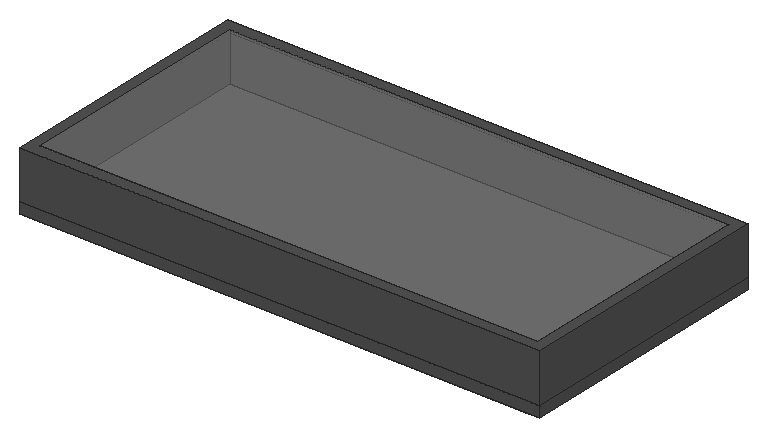
Revit family "ecc3806e011340e29328167bc83efe0b", category Lighting Fixtures, host Face, Revit 2021
Family settings
  Host = Face
  Round Connector Dimension = Use Diameter
  Part Type = Normal
  OmniClass Number = 23.80.70.11.14.11
  OmniClass Title = Downlights
  Seek Item ID = Troffer Light - Lens-0000-USA-ENU
  Cut with Voids When Loaded = No
  Light Source = Yes
  Shared = No
  Room Calculation Point = No
Parameters (values of type "2'x4'(4 Lamp) - 277V")
  Wattage = 160 W
  built-in parameter 1150110 = 1 (stored number, unit not read)
  built-in parameter 1150109 = 1 (stored number, unit not read)
  built-in parameter 1150134 = 8
  built-in parameter 1150113 = 1 (stored number, unit not read)
  Tilt Angle = -90.00°
  Photometric Web File = "2x44T12.ies"
  Lumens = 12600 lm
  built-in parameter 1114217 = 0.95 (stored number, unit not read)
  built-in parameter 1150115 = 1 (stored number, unit not read)
  built-in parameter 1150105 = 1002.7 (stored number, unit not read)
  Load Classification = Lighting - Dwelling Unit
  built-in parameter 1150137 = 1
  built-in parameter 1150139 = (empty or 0)
  Light Box Material = Steel, Chrome Plated
  built-in parameter 1150112 = 1 (stored number, unit not read)
  built-in parameter 1150114 = 1 (stored number, unit not read)
  Lamp = "T-12"
  built-in parameter 1150132 = (empty or 0)
  built-in parameter 1150102 = (empty or 0)
  built-in parameter 1150138 = (empty or 0)
  built-in parameter 1150107 = 4230 (stored number, unit not read)
  built-in parameter 1150106 = 10.027 (stored number, unit not read)
  Emit from Rectangle Width = Box Width - 0' 2"  # 1' - 10"
  Emit from Rectangle Length = Box Length - 0' 2"  # 3' - 10"
  Emit Shape Visible in Rendering = no
  built-in parameter 1150104 = 7.3161 (stored number, unit not read)
  Dimming Lamp Color Temperature Shift = <None>
  Diffuser Material = Glass, White, High Luminance
  Default Elevation = 4' - 0"
  Color Filter = 16777215
  Circle Radius = Circle Diameter * 0.5  # 0' - 7.2"
  Circle Diameter = Box Width * 0.6  # 1' - 2.4"
  built-in parameter 1140040 [instance] = 1
  Box Width = 2' - 0"
  Box Length = 4' - 0"
  Box Height = 0' - 5 1/2"
  Ballast Voltage = 277 V
  Ballast Number of Poles = 1
  built-in parameter 1114218 = 0.95 (stored number, unit not read)
  built-in parameter 1150133 = 10 (stored number, unit not read)
  Assembly Code = "D5020210"
  Apparent Load = 160 VA
Types (10): name | Wattage | Photometric Web File | Lumens | built-in parameter 1114217 | built-in parameter 1150105 | built-in parameter 1150106 | Emit from Rectangle Width | Emit from Rectangle Length | built-in parameter 1150104 | Circle Radius | Circle Diameter | Box Width | Box Length | Ballast Voltage | built-in parameter 1114218 | Assembly Code | Apparent Load
  1'x4'(2 Lamp) - 120V | 80 W | "1x42T12.ies" | 6300 lm | 0.88 (stored number, unit not read) | 501.34 (stored number, unit not read) | 5.0134 (stored number, unit not read) | 0' - 9 31/32" | 3' - 10" | 7.3161 (stored number, unit not read) | 0' - 3.59062" | 0' - 7.18125" | 0' - 11 31/32" | 4' - 0" | 120 V | 0.88 (stored number, unit not read) | "D5020210" | 80 VA
  1'x4'(2 Lamp) - 277V | 80 W | "1x42T12.ies" | 6300 lm | 0.88 (stored number, unit not read) | 501.34 (stored number, unit not read) | 5.0134 (stored number, unit not read) | 0' - 9 31/32" | 3' - 10" | 7.3161 (stored number, unit not read) | 0' - 3.59062" | 0' - 7.18125" | 0' - 11 31/32" | 4' - 0" | 277 V | 0.88 (stored number, unit not read) | "D5020210" | 80 VA
  2'x2'(2 Lamp) - 120V | 40 W | "2x22T12.ies" | 2600 lm | 0.88 (stored number, unit not read) | 206.9 (stored number, unit not read) | 2.069 (stored number, unit not read) | 1' - 10" | 1' - 10" | 6.0387 (stored number, unit not read) | 0' - 7.2" | 1' - 2.4" | 2' - 0" | 2' - 0" | 120 V | 0.88 (stored number, unit not read) | "D5020210" | 40 VA
  2'x2'(2 Lamp) - 277V | 40 W | "2x22T12.ies" | 2600 lm | 0.88 (stored number, unit not read) | 206.9 (stored number, unit not read) | 2.069 (stored number, unit not read) | 1' - 10" | 1' - 10" | 6.0387 (stored number, unit not read) | 0' - 7.2" | 1' - 2.4" | 2' - 0" | 2' - 0" | 277 V | 0.88 (stored number, unit not read) | "D5020210" | 40 VA
  2'x2'(4 Lamp) - 120V | 80 W | "2x24T12.ies" | 5200 lm | 0.88 (stored number, unit not read) | 413.8 (stored number, unit not read) | 4.138 (stored number, unit not read) | 1' - 10" | 1' - 10" | 6.0387 (stored number, unit not read) | 0' - 7.2" | 1' - 2.4" | 2' - 0" | 2' - 0" | 120 V | 0.88 (stored number, unit not read) | "D5020210" | 80 VA
  2'x2'(4 Lamp) - 277V | 80 W | "2x24T12.ies" | 5200 lm | 0.88 (stored number, unit not read) | 413.8 (stored number, unit not read) | 4.138 (stored number, unit not read) | 1' - 10" | 1' - 10" | 6.0387 (stored number, unit not read) | 0' - 7.2" | 1' - 2.4" | 2' - 0" | 2' - 0" | 277 V | 0.88 (stored number, unit not read) | "D5020210" | 80 VA
  2'x4'(2 Lamp) - 120V | 80 W | "2x42T12.ies" | 5200 lm | 0.88 (stored number, unit not read) | 413.8 (stored number, unit not read) | 4.138 (stored number, unit not read) | 1' - 10" | 3' - 10" | 6.0387 (stored number, unit not read) | 0' - 7.2" | 1' - 2.4" | 2' - 0" | 4' - 0" | 120 V | 0.88 (stored number, unit not read) | "D5020210" | 80 VA
  2'x4'(2 Lamp) - 277V | 80 W | "2x42T12.ies" | 5200 lm | 0.88 (stored number, unit not read) | 413.8 (stored number, unit not read) | 4.138 (stored number, unit not read) | 1' - 10" | 3' - 10" | 6.0387 (stored number, unit not read) | 0' - 7.2" | 1' - 2.4" | 2' - 0" | 4' - 0" | 277 V | 0.88 (stored number, unit not read) | 0' - 0" | 80 VA
  2'x4'(4 Lamp) - 120V | 160 W | "2x44T12.ies" | 12600 lm | 0.95 (stored number, unit not read) | 1002.7 (stored number, unit not read) | 10.027 (stored number, unit not read) | 1' - 10" | 3' - 10" | 7.3161 (stored number, unit not read) | 0' - 7.2" | 1' - 2.4" | 2' - 0" | 4' - 0" | 120 V | 0.95 (stored number, unit not read) | "D5020210" | 160 VA
  2'x4'(4 Lamp) - 277V | 160 W | "2x44T12.ies" | 12600 lm | 0.95 (stored number, unit not read) | 1002.7 (stored number, unit not read) | 10.027 (stored number, unit not read) | 1' - 10" | 3' - 10" | 7.3161 (stored number, unit not read) | 0' - 7.2" | 1' - 2.4" | 2' - 0" | 4' - 0" | 277 V | 0.95 (stored number, unit not read) | "D5020210" | 160 VA
Reference planes (in)
  plane 1 "Center (Front/Back)": y = 0
  plane 2: z = 0
  plane 3 "Center (Left/Right)": x = 0
  plane 4: x = -24
  plane 5: x = 24
  plane 6: y = 0
  plane 7: y = -24
  plane 8: x = -23
  plane 9: x = 23
  plane 10: y = -1
  plane 11: y = -23
  plane 12: z = -5.5
  plane 13: z = -0.25
  plane 14: z = -4.5
  plane 15: y = -12
Forms (in)
  Extrusion 1, void
    sketch origin (0, 0, 0) x (1, 0, 0) y (0, 1, 0)
      loop
        line (-24, 0) -> (-24, -24) -> (24, -24) -> (24, 0) -> (-24, 0)
    from -5.5 to 0
  Extrusion 2, solid, material "Steel, Chrome Plated" <- "Light Box Material"
    sketch origin (0, 0, 0) x (0, 1, 0) y (0, 0, 1)
      loop
        line (0, 0) -> (-1, 0) -> (-1, -4.5) -> (-23, -4.5) -> (-23, 0) -> (-24, 0) -> (-24, -5.5) -> (0, -5.5) -> (0, 0)
    from -24 to 24
  Extrusion 3, solid, material "Steel, Chrome Plated" <- "Light Box Material"
    sketch origin (0, 0, 0) x (1, 0, 0) y (0, 1, 0)
      loop
        line (-24, 0) -> (-24, -24) -> (-23, -24) -> (-23, 0) -> (-24, 0)
      loop
        line (23, 0) -> (23, -24) -> (24, -24) -> (24, 0) -> (23, 0)
    from -5.5 to 0
  Extrusion 4, solid, material "Glass, White, High Luminance" <- "Diffuser Material"
    sketch origin (0, 0, 0) x (0, 1, 0) y (0, 0, 1)
      loop
        line (-1, 0) -> (-23, 0) -> (-23, -0.25) -> (-1, -0.25) -> (-1, 0)
    from -23 to 23
  Extrusion 5, solid, material "Steel, Chrome Plated" <- "Light Box Material"
    sketch origin (0, 0, 0) x (1, 0, 0) y (0, 1, 0)
      loop
        line (-24, 0) -> (-24, -24) -> (24, -24) -> (24, 0) -> (-24, 0)
    from -5.5 to -4.5
Cuts and joins
  joined: Extrusion 2, Extrusion 3
Lines and regions (in)
  symbolic lines
    curve 1: line (-24, 0, 0) -> (24, 0, 0)
    curve 2: line (-24, -24, 0) -> (-24, 0, 0)
    curve 3: line (24, -24, 0) -> (-24, -24, 0)
    curve 4: line (24, 0, 0) -> (24, -24, 0)
    curve 5: line (-23, -1, 0) -> (23, -1, 0)
    curve 6: line (-23, -23, 0) -> (-23, -1, 0)
    curve 7: line (23, -23, 0) -> (-23, -23, 0)
    curve 8: line (23, -1, 0) -> (23, -23, 0)
    curve 9: line (-23, -1, 0) -> (-1.7655, -5.01981, 0)
    curve 10: line (23, -1, 0) -> (1.7655, -5.01981, 0)
    curve 11: line (-23, -23, 0) -> (-1.7655, -18.98019, 0)
    curve 12: line (23, -23, 0) -> (1.7655, -18.98019, 0)
    curve 13: circle (0, -12, 0) r 7.2 normal (0, 0, 1)
Dimensions and locks (in)
  locked: plane 6 to plane 10 at 1
  locked: plane 11 to plane 7 at 1
  locked: plane 9 to plane 5 at 1
  locked: plane 4 to plane 8 at 1
  "Box Width": plane 6 to plane 7
  equal spacing: plane 4, plane 3 "Center (Left/Right)", plane 5
  "Box Length": plane 4 to plane 5
  "Box Height": plane 2 to plane 12
  plane 2 to plane 13 = 0' - 0 1/4"
  plane 12 to plane 14 = 0' - 1"
  equal spacing: plane 6, plane 15, plane 7
  "Circle Radius": radius of curve 13
  aligned and locked: plane 2 to host face
  aligned and locked: level to host face
  aligned and locked: plane 4 to Extrusion 1 sketch curve
  aligned and locked: Extrusion 1 sketch curve to plane 6
  aligned and locked: plane 7 to Extrusion 1 sketch curve
  aligned and locked: plane 5 to Extrusion 1 sketch curve
  aligned and locked: plane 12 to Extrusion 1
  aligned and locked: level to Extrusion 1
  aligned and locked: plane 2 to Extrusion 2 sketch curve  (x4)
  aligned and locked: plane 11 to Extrusion 2 sketch curve  (x2)
  aligned and locked: plane 7 to Extrusion 2 sketch curve
  aligned and locked: plane 12 to Extrusion 2 sketch curve  (x2)
  aligned and locked: plane 14 to Extrusion 2 sketch curve
  aligned and locked: Extrusion 2 sketch curve to plane 14
  aligned and locked: plane 10 to Extrusion 2 sketch curve  (x2)
  aligned and locked: plane 6 to Extrusion 2 sketch curve  (x2)
  aligned and locked: Extrusion 2 to plane 5
  aligned and locked: plane 4 to Extrusion 2
  aligned and locked: Extrusion 3 sketch curve to Extrusion 2  (x3)
  aligned and locked: plane 7 to Extrusion 3 sketch curve
  aligned and locked: Extrusion 3 sketch curve to plane 8
  aligned and locked: plane 9 to Extrusion 3 sketch curve
  aligned and locked: Extrusion 3 sketch curve to plane 6
  aligned and locked: Extrusion 2 to Extrusion 3 sketch curve
  aligned and locked: plane 12 to Extrusion 3
  aligned and locked: level to Extrusion 3
  aligned and locked: cut or joined group of Extrusion 2, Extrusion 3 to Extrusion 4 sketch curve  (x2)
  aligned and locked: plane 13 to Extrusion 4 sketch curve
  aligned and locked: Extrusion 4 sketch curve to plane 11
  aligned and locked: plane 9 to Extrusion 4
  aligned and locked: Extrusion 4 to plane 8
  aligned and locked: cut or joined group of Extrusion 2, Extrusion 3 to curve 1
  aligned and locked: curve 1 to cut or joined group of Extrusion 2, Extrusion 3
  aligned and locked: cut or joined group of Extrusion 2, Extrusion 3 to curve 4
  aligned and locked: curve 4 to cut or joined group of Extrusion 2, Extrusion 3
  aligned and locked: cut or joined group of Extrusion 2, Extrusion 3 to curve 5
  aligned and locked: curve 5 to cut or joined group of Extrusion 2, Extrusion 3
  aligned and locked: curve 8 to cut or joined group of Extrusion 2, Extrusion 3  (x2)
  aligned and locked: plane 6 to plane 1 "Center (Front/Back)"
  aligned and locked: plane 15 to curve 13
  aligned and locked: plane 3 "Center (Left/Right)" to curve 13
  aligned and locked: plane 3 "Center (Left/Right)" to imposter light
  aligned and locked: plane 2 to imposter light
  aligned and locked: plane 15 to imposter light
  aligned and locked: plane 4 to Extrusion 5
  aligned and locked: plane 6 to Extrusion 5
  aligned and locked: Extrusion 5 to plane 5
  aligned and locked: Extrusion 5 to plane 7
  aligned and locked: plane 14 to Extrusion 5
  aligned and locked: plane 12 to Extrusion 5
Automatic sketch dimensions
  host sketch curve to host sketch curve = 8' - 0"  (x2)
  curve 9 to plane 3 "Center (Left/Right)" = 0' - 1.7655"
  curve 11 to plane 3 "Center (Left/Right)" = 0' - 1.7655"
  curve 12 to curve 11 = 0' - 0"
  curve 10 to curve 9 = 0' - 0"
  Extrusion 5 sketch curve to plane 4 = 0' - 0"
  Extrusion 5 sketch curve to plane 5 = 0' - 0"
  Extrusion 5 sketch curve to plane 7 = 0' - 0"
  Extrusion 5 sketch curve to plane 1 "Center (Front/Back)" = 0' - 0"
Connectors (in)
  electrical at (0, -12, -0.25), driven by "Apparent Load", driven by "Ballast Voltage", driven by "Ballast Number of Poles", driven by "Load Classification"
    settings: on Extrusion 4, index 1, voltage 277 V, apparent load 0 VA, apparent load phase1 160 VA, apparent load phase2 0 VA, apparent load phase3 0 VA, power factor 0.95, load classification "Lighting - Dwelling Unit", number of poles 1, system type 31, power factor state 1, is connector primary yes, connector utility no, sub classification motor no, connector description ""
